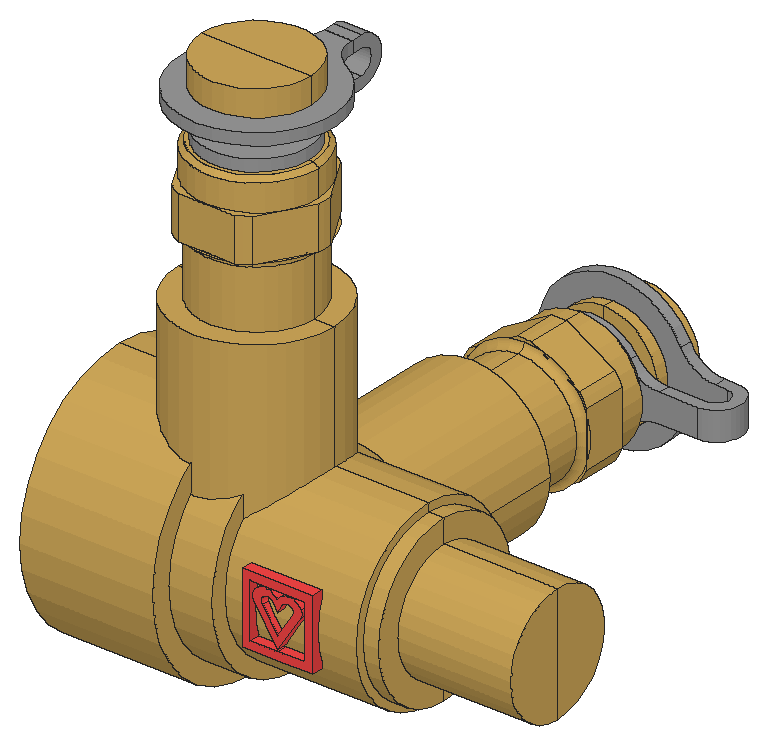
Revit family "HERZ измерительная диафрагма 4000_LF_MF", category Rohrzubehör, Revit 2019
Family settings
  Bemaßung runder Anschluss = Durchmesser verwenden
  Teiletyp = Unterbricht
  OmniClass-Nummer = 23.65.55.14
  OmniClass-Titel = Valves for Liquid Services
  Arbeitsebenenbasiert = Nein
  Immer vertikal = Ja
  Beim Laden mit Abzugskörper schneiden = Nein
  Gemeinsam genutzt = Nein
Parameters (values of type "LF")
  Среда = "Качество теплоносителя в соответствии с ÖNORM H5195 и VDI 2035.\r\nДопускается использование этилен- и пропиленгликоля в объемном соотношении 25-50 % с водой."
  Применение = "HERZ-измерительные диафрагмы устанавливаются на участках трубопроводов в системах отопления и холодоснабжения.\r\nИзмерительные диафрагмы могут устанавливаться как на подающей, так и на обратной линиях.\r\nОни устанавливаются либо вплотную к HERZ балансировочному клапану, образуя комплект, либо используются вместе с HERZ запорным клапаном.\r\nУчастки балансируются с помощью настроек балансировочного клапана при измерении потери давления на измерительной диафрагме."
  Номер заказа [instance] = if(and(LF, Nennweite = 15.00 mm), 1400011, if(and(MF, Nennweite = 15.00 mm), 1400021, 0))  # 1400011
  Мин. рабочая температура = -20 °C  # constant formula
  Макс. рабочее давление = 2000000.0 Pa  # constant formula
  Корпус = "латунь, CC770S"  # constant formula
  Исполнение = "Корпус измерительной диафрагмы выполнен из латуни, устойчивой к селективной цинковой коррозии.\r\nДва измерительных клапана встроены в диафрагму.\r\nСогласно EN 10226 на входе в диафрагму - муфта с внутренней резьба Rp и на выходе - наружная резьба R."
  kvs-значения [instance] = if(and(LF, Nennweite = 15.00 mm), 0.55, if(and(MF, Nennweite = 15.00 mm), 1.1, 0))  # 0.55
  URL = "www.herz-armaturen.ru"
  SCRNSEQ = "AWI;AWI_TYP=\"1001\";02"
  SCRNCODE = "02;01;02"  # constant formula
  S03 = 10.00 mm  # constant formula
  S02 [instance] = S01 - 10.00 mm  # 17.50 mm
  S01 [instance] = H01  # 27.50 mm
  R01 [instance] = 10.00 mm  # constant formula
  Nennweite [instance] = 15.00 mm  # constant formula
  Измерительные клапаны = "латунь, CW602N"  # constant formula
  Макс. рабочая температура (до DN32) = 130 °C  # constant formula
  Макс. рабочая температура (от DN40) = 110 °C  # constant formula
  MF = no
  LO01 [instance] = 30.00 mm  # constant formula
  LF = yes
  L05 [instance] = 23.00 mm  # constant formula
  L04 [instance] = 16.50 mm  # constant formula
  L03 [instance] = 22.60 mm  # constant formula
  L02 [instance] = 17.00 mm  # constant formula
  L01 [instance] = 17.50 mm  # constant formula
  L00 [instance] = 56.00 mm  # constant formula
  IG [instance] = Nennweite / 2  # 7.50 mm
  Hersteller = "HERZ Armaturen Ges.m.b.H."  # constant formula
  H01 [instance] = 27.50 mm  # constant formula
  GT1 [instance] = 14.50 mm  # constant formula
  GT [instance] = 13.00 mm  # constant formula
  D04 [instance] = D03 - 1.00 mm  # 10.50 mm
  D03 [instance] = 11.50 mm  # constant formula
  D02 [instance] = 13.50 mm  # constant formula
  D01 [instance] = 16.00 mm  # constant formula
  AG [instance] = Nennweite / 2  # 7.50 mm
Types (3, lengths in mm): name | Номер заказа | kvs-значения | MF | LF
  (no name) | 1400011 | 0.55 | no | yes
  LF | 1400011 | 0.55 | no | yes
  MF | 1400021 | 1.1 | yes | no
Reference planes
  plane 1 "Mitte (Vorne/hinten)": y = 0
  plane 2: z = 0
  plane 3 "Mitte (Links/rechts)": x = 0
Forms (mm)
  Revolve 1, solid, material "Messing, weicher Gelbton, geschweißt", detail levels fine
    sketch origin (0, 0, 0) x (1, 0, 0) y (0, 0, 1)
      loop
        line (-4.5, 0) -> (38.5, 0) -> (38.5, 7.5) -> (24, 7.5) -> (24, 10.5) -> (22, 10.5) -> (22, 11.5) -> (5.1, 11.5) -> (5.1, 13.5) -> (-0.5, 13.5) -> (-0.5, 16) -> (-17.5, 16) -> (-17.5, 7.5) -> (-4.5, 7.5) -> (-4.5, 0)
      axis (-17.5, 0) -> (38.5, 0)
    angle from 0 to 360
  Revolve 2, solid, material "Messing, weicher Gelbton, geschweißt", detail levels fine
    sketch origin (0, 0, 0) x (1, 0, 0) y (0, 0, 1)
      loop
        line (-10, 7.5) -> (0, 7.5) -> (0, 27.5) -> (-10, 27.5) -> (-10, 7.5)
      axis (0, 27.5) -> (0, 7.5)
    angle from 0 to 360
  Revolve 3, solid, material "Messing, weicher Gelbton, geschweißt", detail levels fine
    sketch origin (0, 0, 0) x (1, 0, 0) y (0, 1, 0)
      loop
        line (5.5, 7.5) -> (15.5, 7.5) -> (15.5, 27.5) -> (5.5, 27.5) -> (5.5, 7.5)
      axis (5.5, 27.5) -> (5.5, 7.5)
    angle from 0 to 360
Lines and regions (mm)
  model lines, detail levels coarse+medium
    curve 1: line (-17.5, 0, 0) -> (0.5, 0, 0)
    curve 2: line (10.5, 0, -27.5) -> (10.5, 0, 27.5)
    curve 3: line (20.5, 0, 17.5) -> (20.5, 0, -17.5)
    curve 4: line (20.5, 0, 0) -> (38.5, 0, 0)
    curve 5: line (0.5, 0, 17.5) -> (0.5, 0, -17.5)
    curve 6: line (-17.5, 0, 0) -> (0.5, 0, 0)
    curve 7: line (10.5, 27.5, 0) -> (10.5, -27.5, 0)
    curve 8: line (0.5, 17.5, 0) -> (0.5, -17.5, 0)
    curve 9: line (20.5, 17.5, 0) -> (20.5, -17.5, 0)
    curve 10: line (20.5, 0, 0) -> (38.5, 0, 0)
Dimensions and locks
  "L00": Revolve 1 sketch curve to Revolve 1 sketch curve
  "GT": Revolve 1 sketch curve to Revolve 1 sketch curve
  "L01": plane 3 "Mitte (Links/rechts)" to Revolve 1 sketch curve
  "GT1": Revolve 1 sketch curve to Revolve 1 sketch curve
  "L02": Revolve 1 sketch curve to Revolve 1 sketch curve
  "L03": Revolve 1 sketch curve to Revolve 1 sketch curve
  "L04": Revolve 1 sketch curve to Revolve 1 sketch curve
  "AG": Revolve 1 sketch curve to plane 2
  "IG": Revolve 1 sketch curve to plane 2
  "D01": Revolve 1 sketch curve to plane 2
  "D02": Revolve 1 sketch curve to plane 2
  "D03": Revolve 1 sketch curve to plane 2
  "D04": Revolve 1 sketch curve to plane 2
  "D03": nested 1 to plane 1 "Mitte (Vorne/hinten)"
  "LO01": Revolve 1 to nested 1
  "IG": Revolve 2 sketch curve to plane 2
  "H01": Revolve 2 sketch curve to plane 2
  "R01": plane 3 "Mitte (Links/rechts)" to Revolve 2 sketch curve
  "H01": nested 2 to plane 2
  "IG": plane 1 "Mitte (Vorne/hinten)" to Revolve 3 sketch curve
  "H01": plane 1 "Mitte (Vorne/hinten)" to Revolve 3 sketch curve
  "R01": Revolve 3 sketch curve to Revolve 3 sketch curve
  "L05": Revolve 1 to Revolve 3 sketch curve  (x2)
  "H01": plane 1 "Mitte (Vorne/hinten)" to nested 3
  "L05": Revolve 1 to nested 3
  "L01": Revolve 1 to nested 2
  "S01": curve 2 to curve 4 to curve 2
  "L00": curve 1 to curve 4
  "S02": curve 3 to curve 4 to curve 3
  "S03": curve 2 to curve 3
  "S03": curve 2 to curve 5
  equal spacing: curve 4, curve 2, curve 1
  "S02": curve 5 to curve 1 to curve 5
  "L01": plane 3 "Mitte (Links/rechts)" to curve 1
  "L00": curve 6 to curve 10
  equal spacing: curve 6, curve 7, curve 10
  "S03": curve 8 to curve 7 to curve 9
  "S02": curve 9 to curve 10 to curve 9
  "S02": curve 8 to curve 6 to curve 8
  "S01": curve 7 to curve 10 to curve 7
  "L01": curve 6 to plane 3 "Mitte (Links/rechts)"
  aligned and locked: level to plane 2
Automatic sketch dimensions
  curve 4 to level = 0.00 mm
  curve 1 to level = 0.00 mm
  plane 1 "Mitte (Vorne/hinten)" to curve 10 = 0.00 mm
  plane 1 "Mitte (Vorne/hinten)" to curve 6 = 0.00 mm
  Revolve 1 sketch curve to level = 0.00 mm  (x2)
  Revolve 1 sketch curve to Revolve 1 sketch curve = 1489.03 mm
  Revolve 1 sketch curve to Revolve 1 sketch curve = 1800.648 mm
  Revolve 2 sketch curve to plane 3 "Mitte (Links/rechts)" = 0.00 mm  (x2)
  Revolve 2 sketch curve to level = 366.045 mm
  Revolve 2 sketch curve to Revolve 2 sketch curve = 2186.815 mm
  Revolve 3 sketch curve to Revolve 3 sketch curve = 0.00 mm  (x2)
Nested families
  nested 1: "Herz-Logo-vorne" at (12.5, -11.5, 0) x (0, 1, 0) z (0, 0, 1), type "Herz-Logo-vorne", detail levels fine
  nested 2: "Messstutzen_Band_Eintritt_senkrecht_(oben)" at (0, 0, 18.5), type "Messstutzen_Band_Eintritt_senkrecht_(oben)", detail levels fine
    with Schutzkappe yes, Nennweite 0.00 mm, Gewicht 0.00 kg, Bestellnummer 0
  nested 3: "Messstutzen_Band_Austritt_waagrecht" at (5.5, 18.5, 0) x (0, -1, 0) z (0, 0, 1), type "Messstutzen_Band_Austritt_waagrecht", detail levels fine
    with Schutzkappe yes, Nennweite 0.00 mm, Gewicht 0.00 kg, Bestellnummer 0
Connectors
  piping at (-4.5, 0, 0), diameter 15, driven by "Nennweite"
    settings: on Revolve 1, index 1, connector inside diameter 609.6 mm, connector length 0.00 mm, flow factor 0, pipe flow 0.0 L/s, pressure drop 0.0 Pa, fitting loss kfactor 0, connector angle 0.00°, fixture units 0, engagement length 0.00 mm, angle of deflection 0.00°, flow configuration 0, flow direction 1, fitting loss method 0, system type 29, joint type 0, gender type 0, connector reference index -1, connector utility 0, adjustable connector no, is connector primary yes, connector description ""
  piping at (38.5, 0, 0), diameter 15, driven by "Nennweite"
    settings: on Revolve 1, index 2, connector inside diameter 609.6 mm, connector length 0.00 mm, flow factor 0, pipe flow 0.0 L/s, pressure drop 0.0 Pa, fitting loss kfactor 0, connector angle 0.00°, fixture units 0, engagement length 0.00 mm, angle of deflection 0.00°, flow configuration 0, flow direction 2, fitting loss method 0, system type 29, joint type 0, gender type 0, connector reference index -1, connector utility 0, adjustable connector no, is connector primary no, connector description ""
Definition of nested family "Herz-Logo-vorne"
  Reference planes
    plane 1 "Mitte (Vorne/hinten)": y = 0
    plane 2: z = 0
    plane 3 "Mitte (Links/rechts)": x = 0
  Forms (mm)
    Extrusion 1, solid
      sketch origin (0.732, -0.018, 0.017) x (0, -1, 0) y (0, 0, 1)
        loop
          line (-0.018, -4.517) -> (4.482, -4.517) -> (4.482, 4.483) -> (-4.518, 4.483) -> (-4.518, -4.517) -> (-0.018, -4.517)
        loop
          line (-0.05, -3.48) -> (3.482, -3.48) -> (3.482, 3.483) -> (-3.518, 3.483) -> (-3.518, -3.48) -> (-0.05, -3.48)
        loop
          arc (-0.018, 2.383) -> (-1.543, 3.287) -> (-3.067, 2.383) r 1.738
          arc (-3.067, 2.383) -> (-3.191, 1.899) -> (-3.067, 1.415) r 1.009
          line (-3.067, 1.415) -> (-0.018, -3.281) -> (3.032, 1.415)
          arc (3.032, 1.415) -> (3.156, 1.899) -> (3.032, 2.383) r 1.009
          arc (3.032, 2.383) -> (1.507, 3.287) -> (-0.018, 2.383) r 1.738
        loop
          arc (1.885, 1.272) -> (2.005, 1.675) -> (1.885, 2.079) r 0.74
          arc (1.885, 2.079) -> (1.265, 2.416) -> (0.644, 2.079) r 0.74
          line (0.644, 2.079) -> (-0.018, 0.97) -> (-0.679, 2.079)
          arc (-0.679, 2.079) -> (-1.3, 2.416) -> (-1.921, 2.079) r 0.74
          arc (-1.921, 2.079) -> (-2.04, 1.675) -> (-1.921, 1.272) r 0.74
          line (-1.921, 1.272) -> (-0.018, -1.658) -> (1.885, 1.272)
      from 0 to 1.5
  Dimensions and locks
    aligned and locked: level to plane 2
Definition of nested family "Messstutzen_Band_Eintritt_senkrecht_(oben)"
  Parameters (values of type "Messstutzen_Band_Eintritt_senkrecht_(oben)")
    URL = "www.herz-armaturen.at"
    Schutzkappe [instance] = yes
    Nennweite [instance] = 0.00 mm
    Manufacturer = "Herz Armaturen GmbH"  # constant formula
    Gewicht [instance] = 0.00 kg
    Bestellnummer [instance] = 0
  Reference planes
    plane 1 "Mitte (Vorne/hinten)": y = 0
    plane 2: z = 0
    plane 3 "Mitte (Links/rechts)": x = 0
    plane 4 "Schlaufe 1": z = -27
    plane 5 "Schlaufe 2": z = -31.678
  Forms (mm)
    Revolve 1, solid, detail levels fine
      sketch origin (0, 0, 0) x (1, 0, 0) y (0, 0, 1)
        loop
          line (-7.4, 9) -> (-5.55, 9) -> (-5.55, 6)
          arc (-5.55, 6) -> (-5.626, 5.617) -> (-5.843, 5.293) r 1
          line (-5.843, 5.293) -> (-6.455, 4.681) -> (-6.455, 0.9) -> (-5.555, 0) -> (-2, 0) -> (-2, 17.5) -> (-8.4, 17.5)
          arc (-8.4, 17.5) -> (-7.693, 17.207) -> (-7.4, 16.5) r 1
          line (-7.4, 16.5) -> (-7.4, 9)
        loop
          line (-3.7, 27) -> (-7.3, 27) -> (-7.9, 26.4) -> (-7.9, 23) -> (-2, 23) -> (-2, 35.8) -> (-3.805, 35.8) -> (-4.415, 35.19) -> (-4.415, 30.863) -> (-3.7, 30.45) -> (-3.7, 27)
        axis (0, 0) -> (0, 35.8)
      angle from 0 to 360
    Extrusion 2, solid, detail levels fine
      sketch origin (0, 0, 17.5) x (0, 1, 0) y (-1, 0, 0)
        loop
          arc (-7.07, 5.156) -> (-7.578, 4.375) -> (-8, 3.544) r 8.75
          line (-8, 3.544) -> (-8, -3.544)
          arc (-8, -3.544) -> (-7.578, -4.375) -> (-7.07, -5.156) r 8.75
          line (-7.07, -5.156) -> (-0.93, -8.7)
          arc (-0.93, -8.7) -> (0, -8.75) -> (0.93, -8.7) r 8.75
          line (0.93, -8.7) -> (7.07, -5.156)
          arc (7.07, -5.156) -> (7.578, -4.375) -> (8, -3.544) r 8.75
          line (8, -3.544) -> (8, 3.544)
          arc (8, 3.544) -> (7.578, 4.375) -> (7.07, 5.156) r 8.75
          line (7.07, 5.156) -> (0.93, 8.7)
          arc (0.93, 8.7) -> (0, 8.75) -> (-0.93, 8.7) r 8.75
          line (-0.93, 8.7) -> (-7.07, 5.156)
      from 0 to 5.5
    Revolve 3, solid, visible <- "Schutzkappe", detail levels fine
      sketch origin (0, 0, 0) x (1, 0, 0) y (0, 0, 1)
        loop
          line (0, 35.878) -> (0, 36.678) -> (-7, 36.678) -> (-7, 33.378) -> (-6.1, 33.378) -> (-6.1, 31.678) -> (-6.9, 31.678) -> (-6.9, 30.178) -> (-4.415, 30.178) -> (-4.415, 35.268) -> (-3.805, 35.878) -> (0, 35.878)
        axis (0, 30.178) -> (0, 36.678)
      angle from 0 to 360
    Extrusion 4, solid, detail levels fine
      sketch origin (0, 0, 28.5) x (1, 0, 0) y (0, 1, 0)
        loop
          circle (0, 0) r 3.7
        loop
          arc (-3.906, 5.505) -> (0, -6.75) -> (3.906, 5.505) r 6.75
          arc (3.906, 5.505) -> (2.358, 7.288) -> (1.8, 9.582) r 5
          line (1.8, 9.582) -> (-1.8, 9.582)
          arc (-1.8, 9.582) -> (-2.358, 7.288) -> (-3.906, 5.505) r 5
      from 0 to -1.5
    Extrusion 5, solid, detail levels fine
      sketch origin (0, 0, 33.178) x (1, 0, 0) y (0, 1, 0)
        loop
          circle (0, 0) r 6.1
        loop
          arc (-4.495, 8.652) -> (0, -9.75) -> (4.495, 8.652) r 9.75
          arc (4.495, 8.652) -> (2.527, 10.493) -> (1.8, 13.089) r 5
          line (1.8, 13.089) -> (-1.8, 13.089)
          arc (-1.8, 13.089) -> (-2.527, 10.493) -> (-4.495, 8.652) r 5
      from 0 to -1.5
    Sweep 6, solid, detail levels fine
      path origin (0, 0, 0) x (0, 0, -1) y (0, -1, 0)
        loop
          line (-27.75, -9.582) -> (-27.75, -14.522)
          arc (-27.75, -14.522) -> (-30.089, -16.862) -> (-32.428, -14.522) r 2.339
          line (-32.428, -14.522) -> (-32.428, -13.089)
      profile origin (0, 12.052, 27.75) x (0, 0, 1) y (1, 0, 0)
        loop
          line (-0.75, -1.8) -> (0.75, -1.8) -> (0.75, 1.8) -> (-0.75, 1.8) -> (-0.75, -1.8)
  Dimensions and locks
    aligned and locked: level to plane 2
Definition of nested family "Messstutzen_Band_Austritt_waagrecht"
  Parameters (values of type "Messstutzen_Band_Austritt_waagrecht")
    URL = "www.herz-armaturen.at"
    Schutzkappe [instance] = yes
    Nennweite [instance] = 0.00 mm
    Manufacturer = "Herz Armaturen GmbH"  # constant formula
    Gewicht [instance] = 0.00 kg
    Bestellnummer [instance] = 0
  Reference planes
    plane 1 "Mitte (Vorne/hinten)": y = 0
    plane 2: z = 0
    plane 3 "Mitte (Links/rechts)": x = 0
  Forms (mm)
    Revolve 1, solid, detail levels fine
      sketch origin (0, 0, 0) x (0, 0, -1) y (1, 0, 0)
        loop
          line (-7.4, -9) -> (-7.4, -16.5)
          arc (-7.4, -16.5) -> (-7.693, -17.207) -> (-8.4, -17.5) r 1
          line (-8.4, -17.5) -> (-2, -17.5) -> (-2, 0) -> (-5.555, 0) -> (-6.455, -0.9) -> (-6.455, -4.681) -> (-5.843, -5.293)
          arc (-5.843, -5.293) -> (-5.626, -5.617) -> (-5.55, -6) r 1
          line (-5.55, -6) -> (-5.55, -9) -> (-7.4, -9)
        loop
          line (-3.7, -27) -> (-3.7, -30.45) -> (-4.415, -30.863) -> (-4.415, -35.19) -> (-3.805, -35.8) -> (-2, -35.8) -> (-2, -23) -> (-7.9, -23) -> (-7.9, -26.4) -> (-7.3, -27) -> (-3.7, -27)
        axis (0, 0) -> (0, -35.8)
      angle from 0 to 360
    Extrusion 2, solid, detail levels fine
      sketch origin (-17.5, 0, 0) x (0, 0, 1) y (0, 1, 0)
        loop
          line (5.156, -7.07) -> (8.7, -0.93)
          arc (8.7, -0.93) -> (8.75, 0) -> (8.7, 0.93) r 8.75
          line (8.7, 0.93) -> (5.156, 7.07)
          arc (5.156, 7.07) -> (4.375, 7.578) -> (3.544, 8) r 8.75
          line (3.544, 8) -> (-3.544, 8)
          arc (-3.544, 8) -> (-4.375, 7.578) -> (-5.156, 7.07) r 8.75
          line (-5.156, 7.07) -> (-8.7, 0.93)
          arc (-8.7, 0.93) -> (-8.75, 0) -> (-8.7, -0.93) r 8.75
          line (-8.7, -0.93) -> (-5.156, -7.07)
          arc (-5.156, -7.07) -> (-4.375, -7.578) -> (-3.544, -8) r 8.75
          line (-3.544, -8) -> (3.544, -8)
          arc (3.544, -8) -> (4.375, -7.578) -> (5.156, -7.07) r 8.75
      from 0 to 5.5
    Revolve 3, solid, visible <- "Schutzkappe", detail levels fine
      sketch origin (0, 0, 0) x (0, 0, -1) y (1, 0, 0)
        loop
          line (0, -35.878) -> (-3.805, -35.878) -> (-4.415, -35.268) -> (-4.415, -30.178) -> (-6.9, -30.178) -> (-6.9, -31.678) -> (-6.1, -31.678) -> (-6.1, -33.378) -> (-7, -33.378) -> (-7, -36.678) -> (0, -36.678) -> (0, -35.878)
        axis (0, -30.178) -> (0, -36.678)
      angle from 0 to 360
    Extrusion 4, solid, detail levels fine
      sketch origin (-27, 0, 0) x (0, 1, 0) y (0, 0, 1)
        loop
          circle (0, 0) r 3.7
        loop
          arc (5.505, 3.906) -> (-6.75, 0) -> (5.505, -3.906) r 6.75
          arc (5.505, -3.906) -> (7.288, -2.358) -> (9.582, -1.8) r 5
          line (9.582, -1.8) -> (9.582, 1.8)
          arc (9.582, 1.8) -> (7.288, 2.358) -> (5.505, 3.906) r 5
      from 0 to -1.5
    Extrusion 5, solid, detail levels fine
      sketch origin (-31.678, 0, 0) x (0, 1, 0) y (0, 0, 1)
        loop
          circle (0, 0) r 6.1
        loop
          arc (8.652, 4.495) -> (-9.75, 0) -> (8.652, -4.495) r 9.75
          arc (8.652, -4.495) -> (10.493, -2.527) -> (13.089, -1.8) r 5
          line (13.089, -1.8) -> (13.089, 1.8)
          arc (13.089, 1.8) -> (10.493, 2.527) -> (8.652, 4.495) r 5
      from 0 to -1.5
    Sweep 6, solid, detail levels fine
      path origin (0, 0, 0) x (0, -1, 0) y (1, 0, 0)
        loop
          line (-9.582, -27.75) -> (-14.522, -27.75)
          arc (-14.522, -27.75) -> (-16.862, -30.089) -> (-14.522, -32.428) r 2.339
          line (-14.522, -32.428) -> (-13.089, -32.428)
      profile origin (-27.75, 12.052, 0) x (-1, 0, 0) y (0, 0, 1)
        loop
          line (-0.75, 1.8) -> (-0.75, -1.8) -> (0.75, -1.8) -> (0.75, 1.8) -> (-0.75, 1.8)
  Cuts and joins
    joined: Extrusion 4, Extrusion 5, Sweep 6
  Dimensions and locks
    aligned and locked: level to plane 2
